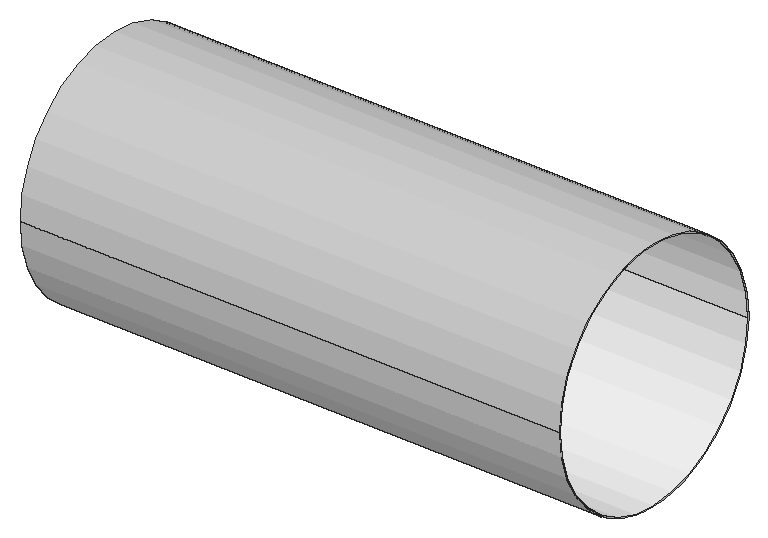
Revit family
Parameters (values of type "S21 - 21" Tube")
  Warranty Duration (Years) = 5
  TubeOR = Tube Diameter / 2  # 0' - 10 1/2"
  TubeIR = TubeOR - 0' 0 1/16"  # 0' - 10 7/16"
  Tube Material [instance] = Aluminum - ASTM B209 - 0.018"
  Tube Diameter = 1' - 9"
  Tube Interior Finish [instance] = Spectralight Infinity
  Test Data [instance] = "http://cpd.nfrc.org/pubsearch/psLineDetails.asp?CPD=STU-K-2_10642"
  System Information = "For More information, click on the rooftop dome unit"
  Specification [instance] = "http://www.arcat.com/sd/clients/solatube.html?coid=35591"
  SpecWizard [instance] = "http://www.arcat.com/specwizard/08625slt/index.htm?mf=&coid=35592"
  Sales Information [instance] = "http://www.solatube.com/commercial/solamaster.php"
  Product Properties [instance] = "http://www.arcat.com/bim/bim_info.pl?fn=Skylight_Solatube"
  Product Data [instance] = "http://www.arcat.com/clickthru.pl?coid=35591&prodid=104896&loc=www.solatube.com/residential/solamaster.php"
  Model = "S21C Tube"
  Manufacturer Website = "http://www.solatube.com"
  Manufacturer Phone - Toll Free = "888-765-2882"
  Manufacturer Phone = "760-597-4400"
  Manufacturer Fax = "760-597-4488"
  Manufacturer Email = ""
  Manufacturer Address = "2210 Oak Ridge Way, Vista, CA  92081"
  Manufacturer = "Solatube International, Inc."
  Maintenance Schedule (Months) = 0
  built-in parameter 1001306 [instance] = 4' - 0"
  Keynote = "08620"
  Installation-Fabrication [instance] = "http://www.solatube.com/downloads/21in%20Intructions_v1.2.pdf"
  Installation Phase = ""
  Green Building-LEED [instance] = "http://www.arcat.com/green/leed_info.php?coid=35591&prodid=104896&mf="
  Expected Lifespan (Years) = 0
  Drawn By = "Robert S. Weygant, CSI, CDT, SCIP"  # constant formula
  Description = "Solatube 21 C (21 in/530 mm) Tube"
  Copyright = "2008, ARCAT, Inc."  # constant formula
  Construction Details [instance] = "http://www.arcat.com/details/solatube/prod0438.html"
  Building Codes [instance] = "http://www.solatube.com/commercial/technical_resources.php"
  Assembly Code = "B3020110"
Types (3): name | TubeOR | TubeIR | Tube Diameter | Test Data | SpecWizard | Sales Information | Product Data | Model | Installation-Fabrication | Green Building-LEED | Description | Construction Details
  S21 - 21" Tube | 0' - 10 1/2" | 0' - 10 7/16" | 1' - 9" | "http://cpd.nfrc.org/pubsearch/psLineDetails.asp?CPD=STU-K-2_10642" | "http://www.arcat.com/specwizard/08625slt/index.htm?mf=&coid=35592" | "http://www.solatube.com/commercial/solamaster.php" | "http://www.arcat.com/clickthru.pl?coid=35591&prodid=104896&loc=www.solatube.com/residential/solamaster.php" | "S21C Tube" | "http://www.solatube.com/downloads/21in%20Intructions_v1.2.pdf" | "http://www.arcat.com/green/leed_info.php?coid=35591&prodid=104896&mf=" | "Solatube 21 C (21 in/530 mm) Tube" | "http://www.arcat.com/details/solatube/prod0438.html"
  S290 - 14" Tube | 0' - 7" | 0' - 6 15/16" | 1' - 2" | "http://cpd.nfrc.org/pubsearch/psLineDetails.asp?CPD=STU-K-2_10641" | "http://www.arcat.com/specwizard/08625slt/index.htm?mf=&coid=35591" | "http://www.solatube.com/commercial/brightenup.php" | "http://www.arcat.com/clickthru.pl?coid=35591&prodid=2973&loc=www.solatube.com/residential/brightenup.php" | "S290 Tube" | "http://www.solatube.com/downloads/2007/install/160DS_290DS.pdf" | "http://www.arcat.com/green/leed_info.php?coid=35591&prodid=2973&mf=" | "Solatube 290 DS (14 in/350 mm) Tube" | "http://www.arcat.com/details/solatube/prod0437.html"
  S160 - 10" Tube | 0' - 5" | 0' - 4 15/16" | 0' - 10" | "http://cpd.nfrc.org/pubsearch/psLineDetails.asp?CPD=STU-K-2_10641" | "http://www.arcat.com/specwizard/08625slt/index.htm?mf=&coid=35591" | "http://www.solatube.com/commercial/brightenup.php" | "http://www.arcat.com/clickthru.pl?coid=35591&prodid=2973&loc=www.solatube.com/residential/brightenup.php" | "S160 Tube" | "http://www.solatube.com/downloads/2007/install/160DS_290DS.pdf" | "http://www.arcat.com/green/leed_info.php?coid=35591&prodid=2973&mf=" | "Solatube 160 DS (10 in/250 mm) Tube" | "http://www.arcat.com/details/solatube/prod0437.html"
Reference planes (in)
  plane 1 "Center (Front/Back)": y = 0
  plane 2: z = 0
  plane 3 "Left": x = 0
  plane 4 "Right": x = 48
Forms (in)
  Extrusion 1, solid, material "Aluminum - ASTM B209 - 0.018"" <- "Tube Material"
    sketch origin (0, 0, 0) x (0, 1, 0) y (0, 0, 1)
      loop
        circle (0, 0) r 10.5
      loop
        circle (0, 0) r 10.4375
    from 0 to 48
Lines and regions (in)
  reference lines
    curve 1: line (0, 0, 0) -> (48, 0, 0)
Dimensions and locks (in)
  "built-in parameter 1001306": plane 3 "Left" to plane 4 "Right"
  "TubeOR": radius of Extrusion 1 sketch curve
  "TubeIR": radius of Extrusion 1 sketch curve
  aligned: plane 4 "Right" to curve 1
  aligned: plane 1 "Center (Front/Back)" to curve 1
  aligned: plane 3 "Left" to curve 1
  aligned: plane 4 "Right" to Extrusion 1
  aligned: Extrusion 1 to plane 3 "Left"
Automatic sketch dimensions
  Extrusion 1 sketch curve to Extrusion 1 sketch curve = 0' - 0"  (x2)
  Extrusion 1 sketch curve to level = 0' - 0"
  Extrusion 1 sketch curve to plane 1 "Center (Front/Back)" = 0' - 0"
